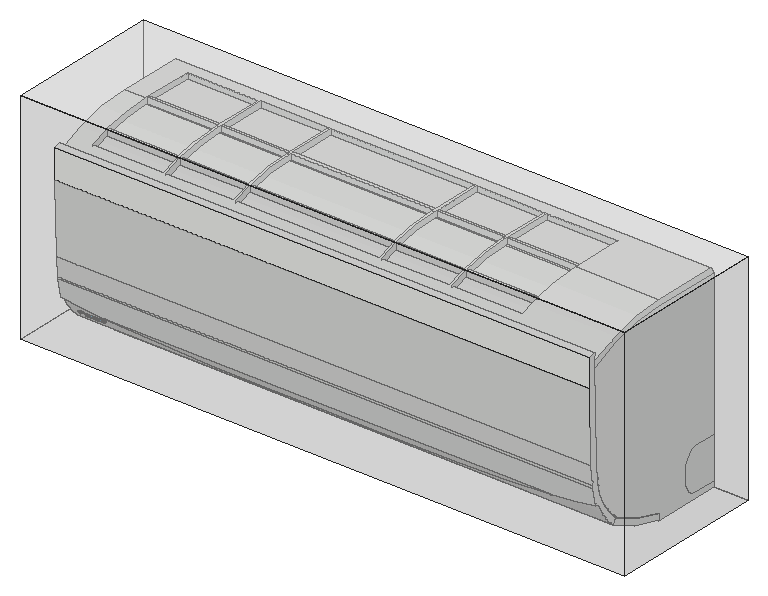
Revit family "outputfile", category 機械設備, Revit 2024
Family settings
  丸型コネクタ寸法 = 半径を使用
  パーツ タイプ = 標準
  OmniClass 番号 = 23.75.10.24.21.27.27
  OmniClass タイトル = Split System Air Conditioning Units
  作業面ベース = いいえ
  常に垂直 = はい
  ロード時にボイドで切り取り = いいえ
  注釈の向きを維持 = いいえ
  共有 = いいえ
  部屋計算ポイント = いいえ
Parameters (values of type "CTKM46RVMA")
  Description = ""
  書き出し IFC クラス(タイプ) = "IfcUnitaryEquipmentType"
  定義済み IFC タイプ(タイプ) = "AIRCONDITIONINGUNIT"
  Cost = 0
  Type Comments = ""
  Keynote = ""
  Type Image = (empty or 0)
  Assembly Code = ""
  w_wall hole = if(Width = 770.0 mm, 48.0 mm, 60.0 mm)  # 48.0 mm
  製造元 = "Daikin"
  モデル = "CTKM46RVMA"
  switch_frequency = yes
  r_Liquid Pipe Size = Liquid Pipe Size / 2  # 3.2 mm
  r_Gas Pipe Size = Gas Pipe Size / 2  # 6.35 mm
  r_Drain Pipe Size = Drain Pipe Size / 2  # 8.0 mm
  lw_powersupply [instance] = if(Width = 770.0 mm, if(or(Rear Right Connection_refrigerant, Bottom Right Connection_refrigerant), 25.0 mm, if(or(Rear Left Connection_refrigerant, Bottom Left Connection_refrigerant), 745.0 mm, 400.0 mm)), if(Width = 990.0 mm, if(or(Rear Right Connection_refrigerant, Bottom Right Connection_refrigerant), 40.0 mm, if(or(Rear Left Connection_refrigerant, Bottom Left Connection_refrigerant), 920.0 mm, 400.0 mm)), if(or(Rear Right Connection_refrigerant, Bottom Right Connection_refrigerant), 40.0 mm, if(or(Rear Left Connection_refrigerant, Bottom Left Connection_refrigerant), 920.0 mm, 400.0 mm))))  # 400.0 mm
  lw_liquidpipe [instance] = if(Width = 770.0 mm, if(or(Rear Right Connection_refrigerant, Bottom Right Connection_refrigerant), 0.0 mm, if(or(Rear Left Connection_refrigerant, Bottom Left Connection_refrigerant), 664.0 mm, 385.0 mm)), if(Width = 990.0 mm, if(or(Rear Right Connection_refrigerant, Bottom Right Connection_refrigerant), 0.0 mm, if(or(Rear Left Connection_refrigerant, Bottom Left Connection_refrigerant), 664.0 mm + (990.0 mm - 770.0 mm), 475.0 mm)), if(or(Rear Right Connection_refrigerant, Bottom Right Connection_refrigerant), 0.0 mm, if(or(Rear Left Connection_refrigerant, Bottom Left Connection_refrigerant), 664.0 mm + (990.0 mm - 770.0 mm), 475.0 mm))))  # 385.0 mm
  lw_gaspipe [instance] = if(Width = 770.0 mm, if(or(Rear Right Connection_refrigerant, Bottom Right Connection_refrigerant), 0.0 mm, if(or(Rear Left Connection_refrigerant, Bottom Left Connection_refrigerant), 675.0 mm, if(Gas Pipe Size = 12.7 mm, 345.0 mm, 335.0 mm))), if(Width = 990.0 mm, if(or(Rear Right Connection_refrigerant, Bottom Right Connection_refrigerant), 10.0 mm, if(or(Rear Left Connection_refrigerant, Bottom Left Connection_refrigerant), 890.0 mm, if(Gas Pipe Size = 15.9 mm, 410.0 mm, 400.0 mm))), if(or(Rear Right Connection_refrigerant, Bottom Right Connection_refrigerant), 10.0 mm, if(or(Rear Left Connection_refrigerant, Bottom Left Connection_refrigerant), 890.0 mm, if(Gas Pipe Size = 15.9 mm, 410.0 mm, 400.0 mm)))))  # 345.0 mm
  lw_drainpipe [instance] = if(Width = 770.0 mm, if(or(Rear Right Connection_refrigerant, Bottom Right Connection_refrigerant), 0.0 mm, if(or(Rear Left Connection_refrigerant, Bottom Left Connection_refrigerant), 770.0 mm - 48.0 mm - 48.0 mm, 440.0 mm)), if(Width = 990.0 mm, if(or(Rear Right Connection_refrigerant, Bottom Right Connection_refrigerant), 0.0 mm, if(or(Rear Left Connection_refrigerant, Bottom Left Connection_refrigerant), 675.0 mm + (990.0 mm - 770.0 mm), 435.0 mm)), if(or(Rear Right Connection_refrigerant, Bottom Right Connection_refrigerant), 0.0 mm, if(or(Rear Left Connection_refrigerant, Bottom Left Connection_refrigerant), 675.0 mm + (990.0 mm - 770.0 mm), 435.0 mm))))  # 440.0 mm
  l_powersupply_length [instance] = if(Width = 770.0 mm, if(Right Connection_refrigerant, 400.0 mm, if(Left Connection_refrigerant, 770.0 mm - 400.0 mm, if(or(Rear Left Connection_refrigerant, Rear Right Connection_refrigerant), 15.0 mm, 50.0 mm))), if(Width = 990.0 mm, if(Right Connection_refrigerant, 400.0 mm, if(Left Connection_refrigerant, 990.0 mm - 400.0 mm, if(or(Rear Left Connection_refrigerant, Rear Right Connection_refrigerant), 15.0 mm, 50.0 mm))), if(Right Connection_refrigerant, 400.0 mm, if(Left Connection_refrigerant, 990.0 mm - 400.0 mm, if(or(Rear Left Connection_refrigerant, Rear Right Connection_refrigerant), 15.0 mm, 50.0 mm)))))  # 400.0 mm
  l_liquidpipe_length [instance] = if(Width = 770.0 mm, if(Right Connection_refrigerant, 433.0 mm, if(Left Connection_refrigerant, 337.0 mm, if(or(Rear Left Connection_refrigerant, Rear Right Connection_refrigerant), 30.0 mm, 40.0 mm))), if(Width = 990.0 mm, if(Right Connection_refrigerant, 535.0 mm, if(Left Connection_refrigerant, 455.0 mm, if(or(Rear Left Connection_refrigerant, Rear Right Connection_refrigerant), 30.0 mm, 40.0 mm))), if(Right Connection_refrigerant, 535.0 mm, if(Left Connection_refrigerant, 455.0 mm, if(or(Rear Left Connection_refrigerant, Rear Right Connection_refrigerant), 30.0 mm, 40.0 mm)))))  # 433.0 mm
  l_gaspipe_length [instance] = if(Width = 770.0 mm, if(Right Connection_refrigerant, if(Gas Pipe Size = 12.7 mm, 393.0 mm, 383.0 mm), if(Left Connection_refrigerant, if(Gas Pipe Size = 12.7 mm, 770.0 mm - 393.0 mm, 770.0 mm - 383.0 mm), if(or(Rear Left Connection_refrigerant, Rear Right Connection_refrigerant), 40.0 mm, 50.0 mm))), if(Width = 990.0 mm, if(Right Connection_refrigerant, if(Gas Pipe Size = 15.9 mm, 470.0 mm, 460.0 mm), if(Left Connection_refrigerant, if(Gas Pipe Size = 15.9 mm, 990.0 mm - 470.0 mm, 990.0 mm - 460.0 mm), if(or(Rear Left Connection_refrigerant, Rear Right Connection_refrigerant), 40.0 mm, 50.0 mm))), if(Right Connection_refrigerant, if(Gas Pipe Size = 15.9 mm, 470.0 mm, 460.0 mm), if(Left Connection_refrigerant, if(Gas Pipe Size = 15.9 mm, 990.0 mm - 470.0 mm, 990.0 mm - 460.0 mm), if(or(Rear Left Connection_refrigerant, Rear Right Connection_refrigerant), 40.0 mm, 50.0 mm)))))  # 393.0 mm
  l_drainpipe_length [instance] = if(Width = 770.0 mm, if(Right Connection_refrigerant, 488.0 mm, if(Left Connection_refrigerant, 282.0 mm, if(or(Rear Left Connection_refrigerant, Rear Right Connection_refrigerant), 15.0 mm, 20.0 mm))), if(Width = 990.0 mm, if(Right Connection_refrigerant, 495.0 mm, if(Left Connection_refrigerant, 495.0 mm, if(or(Rear Left Connection_refrigerant, Rear Right Connection_refrigerant), 15.0 mm, 20.0 mm))), if(Right Connection_refrigerant, 495.0 mm, if(Left Connection_refrigerant, 495.0 mm, if(or(Rear Left Connection_refrigerant, Rear Right Connection_refrigerant), 15.0 mm, 20.0 mm)))))  # 488.0 mm
  h*** = 0.0 mm  # constant formula
  connector_voltage = Voltage_50Hz  # 230 V
  connector_powerinput = [Power Input (Cooling)]  # 0.000 kW
  connector_phase = Phase_50Hz  # 1
  angle_vertical [instance] = if(or(Bottom Left Connection_refrigerant, Bottom Right Connection_refrigerant), 0.00°, 90.00°)  # 90.00°
  angle_horizontal [instance] = if(Right Connection_refrigerant, 90.00°, if(Left Connection_refrigerant, -90.00°, if(or(Rear Left Connection_refrigerant, Rear Right Connection_refrigerant), 180.00°, 0.00°)))  # 90.00°
  Width = 770.0 mm
  Voltage_comment_50Hz = "220 - 240"
  Voltage_50Hz = 230 V
  Version = "ver.1.0"
  Unit Type = "Wall Mounted"
  Unit Mass Weight = 9.00 kg
  Unit Designation [instance] = ""
  Uniclass2015Version = "Products v1.30"
  Uniclass2015Title = "Split coil room air conditioning units"
  Uniclass2015Code = "Pr_70_65_03_86"
  URL = ""
  Total Cooling Capacity [instance] = 0.000 kW
  Sound Pressure Level_M speed (dBA) = 40
  Sound Pressure Level_L speed (dBA) = 35
  Sound Pressure Level_H speed (dBA) = 44
  Sound Power Level_H speed (dB) = 0
  Series = "Multi Split_Fan Coil Unit"
  Sensible Cooling Capacity [instance] = 0.000 kW
  Refrigerant Type = "R32"
  Power Input (Cooling) = 0.000 kW
  Phase_50Hz = 1
  Option Accessory 3 [instance] = ""
  Option Accessory 2 [instance] = ""
  Option Accessory 1 [instance] = ""
  Nominal Cooling Capacity = 4.600 kW
  Minimum Circuit Amps_50Hz = 0.0 A
  Minimum Airflow = 504.00 m³/h
  Median Airflow = 600.00 m³/h
  Maximum Fuse Amps_50Hz = 0.0 A
  Maximum Airflow = 732.00 m³/h
  Material_Casing = DAIKIN_White_Casing_indoorunit
  Load Classification = HVAC
  Liquid Pipe Size = 6.4 mm
  Link_Nested Family [instance] = ""
  IfcVersion = ""
  IfcExportType = "AIRCONDITIONINGUNIT"
  IfcExportAs = "IfcUnitaryEquipmentType"
  Height = 285.0 mm
  Heat Exchanger Type = "Cross Fin Coil"
  Gas Pipe Size = 12.7 mm
  Frequency_50Hz = 50 Hz
  Fan Type = "Cross Flow Fan"
  Fan Drive = "Direct Drive"
  FCU Tag No. [instance] = ""
  Drain Pipe Size = 16.0 mm
  Design Supply Airflow [instance] = 0.00 m³/h
  Depth = 223.0 mm
  既定の高さ = 0.0 mm
  Cooling Entering Wet Bulb Temperature [instance] = 0.00 °C
  Cooling Entering Dry Bulb Temperature [instance] = 0.00 °C
  Cooling Ambient Wet Bulb Temperature [instance] = 0.00 °C
  Cooling Ambient Dry Bulb Temperature [instance] = 0.00 °C
  Clearance visibility [instance] = yes
  Clearance Top = 30.0 mm
  Clearance Right = 50.0 mm
  Clearance Rear = 0.0 mm
  Clearance Left = 50.0 mm
  Clearance Front = 0.0 mm
  Clearance Bottom = 0.0 mm
  Bottom Right Connection_refrigerant [instance] = no
  Bottom Left Connection_refrigerant [instance] = no
  Rear Right Connection_refrigerant [instance] = no
  Rear Left Connection_refrigerant [instance] = no
  Right Connection_refrigerant [instance] = yes
  Left Connection_refrigerant [instance] = no
Reference planes
  plane 1 "Back": y = 0
  plane 2: z = 0
  plane 3 "Center (Left/Right)": x = 0
  plane 4 "Center (Front/Back)": y = -111.5
  plane 5 "Front": y = -223
  plane 6 "Left": x = -385
  plane 7 "Right": x = 385
  plane 8 "Top": z = 0
  plane 9 "Bottom": z = -285
  plane 10: x = -435
  plane 11: x = 435
  plane 12: y = 0
  plane 13: y = -223
  plane 14: z = 30
  plane 15: z = -285
  plane 16 "lw_Piping and Wiring intake": x = 337
  plane 17 "lw_gaspipe": x = -8
  plane 18 "lw_liquidpipe": x = -48
  plane 19 "lw_drainpipe": x = -103
  plane 20 "lh_drainpipe": z = -265
  plane 21 "lh_liquidpipe": z = -245
  plane 22 "lh_gaspipe": z = -235
  plane 23 "ld_drainpipe": y = -15
  plane 24 "ld_liquidpipe": y = -30
  plane 25 "ld_gaspipe": y = -40
  plane 26 "lw_powersupply": x = -15
Dimensions and locks
  equal spacing: plane 6 "Left", plane 3 "Center (Left/Right)", plane 7 "Right"
  "Width": plane 6 "Left" to plane 7 "Right"
  equal spacing: plane 5 "Front", plane 4 "Center (Front/Back)", plane 1 "Back"
  "Depth": plane 5 "Front" to plane 1 "Back"
  "Height": plane 8 "Top" to plane 9 "Bottom"
  "Clearance Rear": plane 12 to plane 1 "Back"
  "Clearance Front": plane 13 to plane 5 "Front"
  "Clearance Top": plane 14 to plane 8 "Top"
  "Clearance Bottom": plane 9 "Bottom" to plane 15
  "w_wall hole": plane 16 "lw_Piping and Wiring intake" to plane 7 "Right"
  "lw_gaspipe": plane 17 "lw_gaspipe" to plane 16 "lw_Piping and Wiring intake"
  "lw_liquidpipe": plane 18 "lw_liquidpipe" to plane 16 "lw_Piping and Wiring intake"
  "lw_drainpipe": plane 19 "lw_drainpipe" to plane 16 "lw_Piping and Wiring intake"
  locked: plane 20 "lh_drainpipe" to plane 9 "Bottom" at 20
  locked: plane 21 "lh_liquidpipe" to plane 9 "Bottom" at 40
  locked: plane 22 "lh_gaspipe" to plane 9 "Bottom" at 50
  locked: plane 23 "ld_drainpipe" to plane 1 "Back" at 15
  locked: plane 1 "Back" to plane 24 "ld_liquidpipe" at 30
  locked: plane 1 "Back" to plane 25 "ld_gaspipe" at 40
  "lw_powersupply": plane 26 "lw_powersupply" to plane 7 "Right"
  "Clearance Right": plane 7 "Right" to plane 11
  "Clearance Left": plane 10 to plane 6 "Left"
  aligned and locked: level to plane 2
  aligned and locked: plane 12 to nested 1
  aligned and locked: nested 1 to plane 13
  aligned and locked: plane 10 to nested 1
  aligned and locked: plane 11 to nested 1
  aligned and locked: plane 15 to nested 1
  aligned and locked: plane 14 to nested 1
  aligned and locked: plane 17 "lw_gaspipe" to nested 2
  aligned and locked: nested 2 to plane 25 "ld_gaspipe"
  aligned and locked: plane 18 "lw_liquidpipe" to nested 3
  aligned and locked: nested 3 to plane 24 "ld_liquidpipe"
  aligned and locked: plane 19 "lw_drainpipe" to nested 4
  aligned and locked: nested 4 to plane 23 "ld_drainpipe"
  aligned and locked: nested 5 to plane 23 "ld_drainpipe"
  aligned and locked: plane 26 "lw_powersupply" to nested 5
  aligned and locked: level to plane 8 "Top"
  aligned and locked: plane 3 "Center (Left/Right)" to nested 6
  aligned and locked: plane 1 "Back" to nested 6
  aligned and locked: plane 8 "Top" to nested 6
Nested families
  nested 1: "daikin_clearancespace" at (0, -111.5, -127.381), show <- "Clearance visibility", visible <- "Clearance visibility", Link_Nested Family <- "Link_Nested Family", type "daikin_clearancespace"
    with width 870.0 mm, show yes, height 315.0 mm, depth 223.0 mm, Link_Nested Family ""
  nested 2: "daikin_connector_rotate3" at (-8, -40, -235), angle_vertical <- "angle_vertical", angle_horizontal <- "angle_horizontal", length <- "l_gaspipe_length", radius <- "r_Gas Pipe Size", type "daikin_connector_rotate3"
    with show no, radius 6.35 mm, length 393.0 mm, angle_vertical 90.00°, angle_horizontal 90.00°
  nested 3: "daikin_connector_rotate3" at (-48, -30, -245), angle_vertical <- "angle_vertical", angle_horizontal <- "angle_horizontal", radius <- "r_Liquid Pipe Size", length <- "l_liquidpipe_length", type "daikin_connector_rotate3"
    with show no, radius 3.2 mm, length 433.0 mm, angle_vertical 90.00°, angle_horizontal 90.00°
  nested 4: "daikin_connector_rotate3" at (-103, -15, -265), angle_vertical <- "angle_vertical", angle_horizontal <- "angle_horizontal", length <- "l_drainpipe_length", radius <- "r_Drain Pipe Size", type "daikin_connector_rotate3"
    with show no, radius 8.0 mm, length 488.0 mm, angle_vertical 90.00°, angle_horizontal 90.00°
  nested 5: "daikin_connector_rotate3" at (-15, -15, -235), angle_vertical <- "angle_vertical", angle_horizontal <- "angle_horizontal", length <- "l_powersupply_length", type "daikin_connector_rotate3"
    with show no, radius 10.0 mm, length 400.0 mm, angle_vertical 90.00°, angle_horizontal 90.00°
  nested 6: "DAIKIN_indoorunit_CTKM-RVMA" at (-31, 0, 0), type "CTKM-RVMA"
Connectors
  piping at (385, -40, -235), diameter 12.7, driven by "r_Gas Pipe Size"
    settings: on nested 2, index 1, connector inside diameter 609.6 mm, connector length 0.0 mm, flow factor 0, pipe flow 0.00 m³/h, pressure drop 0.0 Pa, fitting loss kfactor 0, connector angle 0.00°, fixture units 0, engagement length 0.0 mm, angle of deflection 0.00°, flow configuration 1, flow direction 2, fitting loss method 0, system type 29, joint type 0, gender type 0, connector reference index -1, connector utility 0, adjustable connector no, is connector primary yes, connector description "Refrigerant Gas Piping"
  piping at (385, -30, -245), diameter 6.4, driven by "r_Liquid Pipe Size"
    settings: on nested 3, index 2, connector inside diameter 609.6 mm, connector length 0.0 mm, flow factor 0, pipe flow 0.00 m³/h, pressure drop 0.0 Pa, fitting loss kfactor 0, connector angle 0.00°, fixture units 0, engagement length 0.0 mm, angle of deflection 0.00°, flow configuration 1, flow direction 1, fitting loss method 0, system type 29, joint type 0, gender type 0, connector reference index -1, connector utility 0, adjustable connector no, is connector primary no, connector description "Refrigerant Liquid Piping"
  piping at (385, -15, -265), diameter 16, driven by "r_Drain Pipe Size"
    settings: on nested 4, index 3, connector inside diameter 609.6 mm, connector length 0.0 mm, flow factor 0, pipe flow 0.00 m³/h, pressure drop 0.0 Pa, fitting loss kfactor 0, connector angle 0.00°, fixture units 0, engagement length 0.0 mm, angle of deflection 0.00°, flow configuration 1, flow direction 2, fitting loss method 4, system type 16, joint type 0, gender type 0, connector reference index -1, connector utility 0, adjustable connector no, is connector primary no, connector description "Condensate Drain Piping"
  electrical at (385, -15, -235), driven by "Load Classification", driven by "connector_phase", driven by "connector_powerinput", driven by "connector_voltage"
    settings: on nested 5, index 4, voltage 230 V, apparent load 0 VA, apparent load phase1 0 VA, apparent load phase2 0 VA, apparent load phase3 0 VA, power factor 1, load classification "HVAC", number of poles 1, system type 30, power factor state 1, is connector primary yes, connector utility no, sub classification motor no, connector description "Power Supply"
Definition of nested family "daikin_clearancespace"
  Parameters (values of type "daikin_clearancespace")
    Description = "daikin_clearancespace"
    width [instance] = 1823.963 mm
    show [instance] = yes
    material = none
    height [instance] = 1359.762 mm
    depth [instance] = 880.0 mm
    Default Elevation = 0.0 mm
    Link_Nested Family [instance] = ""
  Reference planes
    plane 1 "Center (Front/Back)": y = 0
    plane 2 "Center (Elevation)": z = -0.119
    plane 3 "Center (Left/Right)": x = 0
    plane 4: y = 440
    plane 5: y = -440
    plane 6 "Right": x = 911.982
    plane 7 "Left": x = -911.982
    plane 8 "Top": z = 679.762
    plane 9 "Bottom": z = -680
  Forms (mm)
    Extrusion 1, solid, material <- "material", visible <- "show"
      sketch origin (0, 0, 0) x (1, 0, 0) y (0, 1, 0)
        loop
          line (-911.982, 440) -> (-911.982, -440) -> (911.982, -440) -> (911.982, 440) -> (-911.982, 440)
      from -680 to 679.762
  Lines and regions (mm)
    symbolic lines, visible <- "show"
      curve 1: line (911.982, 440, 0) -> (-911.982, 440, 0)
      curve 2: line (-911.982, 440, 0) -> (-911.982, -440, 0)
      curve 3: line (-911.982, -440, 0) -> (911.982, -440, 0)
      curve 4: line (911.982, -440, 0) -> (911.982, 440, 0)
      curve 5: line (911.982, 0, 679.762) -> (-911.982, 0, 679.762)
      curve 6: line (911.982, 0, -680) -> (911.982, 0, 679.762)
      curve 7: line (-911.982, 0, -680) -> (911.982, 0, -680)
      curve 8: line (-911.982, 0, 679.762) -> (-911.982, 0, -680)
      curve 9: line (0, 440, 679.762) -> (0, -440, 679.762)
      curve 10: line (0, -440, 679.762) -> (0, -440, -680)
      curve 11: line (0, 440, -680) -> (0, 440, 679.762)
      curve 12: line (0, -440, -680) -> (0, 440, -680)
  Dimensions and locks
    "width": plane 7 "Left" to plane 6 "Right"
    "depth": plane 4 to plane 5
    "height": plane 8 "Top" to plane 9 "Bottom"
    equal spacing: plane 7 "Left", plane 3 "Center (Left/Right)", plane 6 "Right"
    equal spacing: plane 4, plane 1 "Center (Front/Back)", plane 5
    equal spacing: plane 8 "Top", plane 2 "Center (Elevation)", plane 9 "Bottom"
    aligned and locked: level to plane 2 "Center (Elevation)"
    aligned and locked: Extrusion 1 sketch curve to plane 4
    aligned and locked: plane 7 "Left" to Extrusion 1 sketch curve
    aligned and locked: Extrusion 1 sketch curve to plane 5
    aligned and locked: Extrusion 1 sketch curve to plane 6 "Right"
    aligned and locked: plane 8 "Top" to Extrusion 1
    aligned and locked: curve 1 to Extrusion 1
    aligned and locked: curve 2 to Extrusion 1
    aligned and locked: curve 3 to Extrusion 1
    aligned and locked: curve 4 to Extrusion 1
    aligned and locked: curve 5 to Extrusion 1
    aligned and locked: curve 6 to Extrusion 1
    aligned and locked: curve 7 to Extrusion 1
    aligned and locked: curve 8 to Extrusion 1
    aligned and locked: curve 9 to Extrusion 1
    aligned and locked: curve 10 to Extrusion 1
    aligned and locked: curve 11 to Extrusion 1
    aligned and locked: curve 12 to Extrusion 1
    aligned and locked: Extrusion 1 to plane 9 "Bottom"
Definition of nested family "DAIKIN_indoorunit_CTKM-RVMA"
  Parameters (values of type "FTKM-QVMA")
    switch_unit1_50-71 = Width = 990.0 mm  # no
    switch_unit1_20-46 = Width = 770.0 mm  # yes
    Width = 770.0 mm
    WALL HOLE-R = if(Width = 770.0 mm, 48.0 mm, 60.0 mm)  # 48.0 mm
    WALL HOLE Size = if(Width = 770.0 mm, 65.0 mm, 80.0 mm)  # 65.0 mm
    Material_Casing = none
    Height = if(Width = 770.0 mm, 285.0 mm, 295.0 mm)  # 285.0 mm
    Default Elevation = 0.0 mm
  Reference planes
    plane 1 "Center (Front/Back)": y = 0
    plane 2 "reference_level": z = 0
    plane 3 "Center (Left/Right)": x = 31
    plane 4: x = -354
    plane 5: x = 416
    plane 6: z = -285
  Forms (mm)
    Extrusion 1, solid, material <- "Material_Casing", visible <- "switch_unit1_20-46"
      sketch origin (29, 0, 0) x (0, 1, 0) y (0, 0, 1)
        loop
          line (-5, 0) -> (-98, 0)
          arc (-98, 0) -> (-157.611, -7.211) -> (-213.783, -28.427) r 250
          arc (-213.783, -28.427) -> (-213.842, -32.972) -> (-213.892, -37.516) r 2191
          arc (-213.892, -37.516) -> (-157.832, -15.495) -> (-98.07, -8) r 242
          line (-98.07, -8) -> (0, -8) -> (-5, 0)
      from -383 to 387
    Extrusion 2, solid, material <- "Material_Casing", visible <- "switch_unit1_20-46"
      sketch origin (416, 1296.25, 1200) x (0, 1, 0) y (0, 0, 1)
        loop
          line (-1472.998, -1446.91) -> (-1476.998, -1453.839)
          arc (-1476.998, -1453.839) -> (-1437.481, -1472.422) -> (-1395.25, -1483.538) r 240
          line (-1395.25, -1483.538) -> (-1395.25, -1475.422)
          arc (-1395.25, -1475.422) -> (-1435.407, -1464.663) -> (-1472.998, -1446.91) r 232
      from 0 to -47.5
    Extrusion 3, solid, material <- "Material_Casing", visible <- "switch_unit1_20-46"
      sketch origin (29, 0, 0) x (0, 1, 0) y (0, 0, 1)
        loop
          arc (-223, -60.455) -> (-222.414, -110.646) -> (-220.656, -160.81) r 2149.92
          arc (-220.656, -160.81) -> (-219.65, -174.299) -> (-217.853, -187.706) r 229.911
          arc (-217.853, -187.706) -> (-205.371, -223.594) -> (-181.517, -253.17) r 111
          line (-181.517, -253.17) -> (-177.429, -246.093)
          arc (-177.429, -246.093) -> (-198.77, -218.989) -> (-209.965, -186.36) r 103
          arc (-209.965, -186.36) -> (-211.681, -173.586) -> (-212.651, -160.735) r 221.844
          arc (-212.651, -160.735) -> (-214.739, -93.233) -> (-214.74, -25.699) r 2186.828
          arc (-214.74, -25.699) -> (-214.671, -21.467) -> (-214.594, -17.235) r 2192
          line (-214.594, -17.235) -> (-223, -19.961) -> (-223, -60.455)
      from -383 to 387
    Extrusion 4, solid, material <- "Material_Casing", visible <- "switch_unit1_20-46"
      sketch origin (29, 0, 0) x (0, 1, 0) y (0, 0, 1)
        loop
          line (-181.517, -253.17) -> (-179.597, -249.846)
          arc (-179.597, -249.846) -> (-202.009, -221.399) -> (-213.189, -186.952) r 103
          line (-213.189, -186.952) -> (-217.853, -187.706)
          arc (-217.853, -187.706) -> (-217.533, -189.556) -> (-217.182, -191.4) r 111
          arc (-217.182, -191.4) -> (-213.806, -208.181) -> (-210.362, -224.948) r 4257.809
          arc (-210.362, -224.948) -> (-198.886, -237.857) -> (-186.225, -249.607) r 180
          line (-186.225, -249.607) -> (-181.517, -253.17)
      from -383 to 387
    Extrusion 5, solid, material <- "Material_Casing", visible <- "switch_unit1_20-46"
      sketch origin (29, 0, -20) x (0, 1, 0) y (0, 0, 1)
        loop
          line (0, -265) -> (0, 12) -> (-98.07, 12)
          arc (-98.07, 12) -> (-157.832, 4.505) -> (-213.892, -17.516) r 242
          arc (-213.892, -17.516) -> (-213.638, -79.114) -> (-211.653, -140.681) r 2191
          arc (-211.653, -140.681) -> (-210.685, -153.501) -> (-208.973, -166.243) r 221
          arc (-208.973, -166.243) -> (-197.471, -199.282) -> (-175.482, -226.491) r 102
          arc (-175.482, -226.491) -> (-138.004, -244.019) -> (-98, -254.579) r 231
          line (-98, -254.579) -> (-98, -265) -> (0, -265)
      from -383 to 387
    Extrusion 6, solid, material <- "Material_Casing", visible <- "switch_unit1_20-46"
      sketch origin (-354, 1296.25, 1200) x (0, 1, 0) y (0, 0, 1)
        loop
          line (-1472.998, -1446.91) -> (-1476.998, -1453.839)
          arc (-1476.998, -1453.839) -> (-1437.481, -1472.422) -> (-1395.25, -1483.538) r 240
          line (-1395.25, -1483.538) -> (-1395.25, -1475.422)
          arc (-1395.25, -1475.422) -> (-1435.407, -1464.663) -> (-1472.998, -1446.91) r 232
      from 47 to 0
    Extrusion 7, solid, material <- "Material_Casing", visible <- "switch_unit1_20-46"
      sketch origin (416, 1296.25, 1200) x (0, 1, 0) y (0, 0, 1)
        loop
          line (-1472.998, -1446.91) -> (-1476.998, -1453.839)
          arc (-1476.998, -1453.839) -> (-1443.437, -1470.168) -> (-1407.75, -1481.097) r 240
          line (-1407.75, -1481.097) -> (-1407.75, -1472.894)
          arc (-1407.75, -1472.894) -> (-1441.363, -1462.385) -> (-1472.998, -1446.91) r 232
      from -116.993 to -48.493
    Extrusion 8, solid, material <- "Material_Casing", visible <- "switch_unit1_20-46"
      sketch origin (416, 1296.25, 1200) x (0, 1, 0) y (0, 0, 1)
        loop
          line (-1472.998, -1446.91) -> (-1476.998, -1453.839)
          arc (-1476.998, -1453.839) -> (-1443.437, -1470.168) -> (-1407.75, -1481.097) r 240
          line (-1407.75, -1481.097) -> (-1407.75, -1472.894)
          arc (-1407.75, -1472.894) -> (-1441.363, -1462.385) -> (-1472.998, -1446.91) r 232
      from -717 to -121.993
    Extrusion 9, void
      sketch origin (31, 0, -235) x (1, 0, 0) y (0, 1, 0)
        loop
          line (-252.674, -22.316) -> (-354.941, -22.316) -> (-354.941, -91.341) -> (-252.674, -91.341) -> (-252.674, -22.316)
        loop
          line (-249.341, -91.341) -> (-151.574, -91.341) -> (-151.574, -22.316) -> (-249.341, -22.316) -> (-249.341, -91.341)
        loop
          line (58.309, -22.316) -> (-148.309, -22.316) -> (-148.309, -91.341) -> (58.309, -91.341) -> (58.309, -22.316)
        loop
          line (61.689, -22.316) -> (61.689, -91.341) -> (159.457, -91.341) -> (159.457, -22.316) -> (61.689, -22.316)
        loop
          line (162.789, -22.316) -> (162.789, -91.341) -> (265.057, -91.341) -> (265.057, -22.316) -> (162.789, -22.316)
        loop
          line (-354.941, -94.659) -> (-354.941, -165.259) -> (-252.674, -165.259) -> (-252.674, -94.659) -> (-354.941, -94.659)
        loop
          line (-249.341, -94.659) -> (-249.341, -165.259) -> (-151.574, -165.259) -> (-151.574, -94.659) -> (-249.341, -94.659)
        loop
          line (-148.309, -94.659) -> (-148.309, -165.259) -> (58.309, -165.259) -> (58.309, -94.659) -> (-148.309, -94.659)
        loop
          line (61.689, -94.659) -> (61.689, -165.259) -> (159.457, -165.259) -> (159.457, -94.659) -> (61.689, -94.659)
        loop
          line (162.789, -94.659) -> (162.789, -165.259) -> (265.057, -165.259) -> (265.057, -94.659) -> (162.789, -94.659)
        loop
          line (-354.941, -167.382) -> (-354.941, -192.681) -> (-252.674, -192.681) -> (-252.674, -167.382) -> (-354.941, -167.382)
        loop
          line (-249.341, -167.382) -> (-249.341, -192.681) -> (-151.574, -192.681) -> (-151.574, -167.382) -> (-249.341, -167.382)
        loop
          line (-148.309, -167.382) -> (-148.309, -192.681) -> (58.309, -192.681) -> (58.309, -167.382) -> (-148.309, -167.382)
        loop
          line (159.457, -167.382) -> (61.689, -167.382) -> (61.689, -192.681) -> (159.457, -192.681) -> (159.457, -167.382)
        loop
          line (265.057, -167.382) -> (162.789, -167.382) -> (162.789, -192.681) -> (265.057, -192.681) -> (265.057, -167.382)
      from 201.638 to 250
    Extrusion 10, void
      sketch origin (31, 0, 0) x (1, 0, 0) y (0, 0, 1)
        loop
          arc (597, -174.907) -> (0.056, -245.263) -> (-597, -175.856) r 2585.042
          line (-597, -175.856) -> (-597, -352.872) -> (597, -352.872) -> (597, -174.907)
      from 173 to 315.3
    Extrusion 11, solid, material <- "Material_Casing"
      sketch origin (31, 0, 0) x (1, 0, 0) y (0, 0, 1)
        loop
          circle (337, -240.5) r 32.5
        loop
          circle (-337, -240.5) r 32.5
      from 0 to 5
    Extrusion 12, solid, material <- "Material_Casing", visible <- "switch_unit1_20-46"
      sketch origin (416, 1296.25, 1200) x (0, -1, 0) y (0, 0, 1)
        loop
          line (1326.25, -1417) -> (1296.25, -1417) -> (1296.25, -1477) -> (1326.25, -1477)
          arc (1326.25, -1477) -> (1340.393, -1471.142) -> (1346.25, -1457) r 20
          line (1346.25, -1457) -> (1346.25, -1437)
          arc (1346.25, -1437) -> (1340.393, -1422.858) -> (1326.25, -1417) r 20
      from 0 to 5
    Extrusion 13, solid, material <- "Material_Casing", visible <- "switch_unit1_20-46"
      sketch origin (-354, 1296.25, 1200) x (0, 1, 0) y (0, 0, 1)
        loop
          line (-1296.25, -1417) -> (-1326.25, -1417)
          arc (-1326.25, -1417) -> (-1340.393, -1422.858) -> (-1346.25, -1437) r 20
          line (-1346.25, -1437) -> (-1346.25, -1457)
          arc (-1346.25, -1457) -> (-1340.393, -1471.142) -> (-1326.25, -1477) r 20
          line (-1326.25, -1477) -> (-1296.25, -1477) -> (-1296.25, -1417)
      from 0 to 5
    Extrusion 14, solid, material <- "Material_Casing", visible <- "switch_unit1_20-46"
      sketch origin (31, 0, -285) x (-1, 0, 0) y (0, -1, 0)
        loop
          line (-314, 0) -> (-314, 30)
          arc (-314, 30) -> (-319.858, 44.142) -> (-334, 50) r 20
          line (-334, 50) -> (-354, 50)
          arc (-354, 50) -> (-368.142, 44.142) -> (-374, 30) r 20
          line (-374, 30) -> (-374, 0) -> (-314, 0)
        loop
          line (374, 0) -> (374, 30)
          arc (374, 30) -> (368.142, 44.142) -> (354, 50) r 20
          line (354, 50) -> (334, 50)
          arc (334, 50) -> (319.858, 44.142) -> (314, 30) r 20
          line (314, 30) -> (314, 0) -> (374, 0)
      from 0 to 5
    Extrusion 15, solid, material <- "Material_Casing", visible <- "switch_unit1_50-71"
      sketch origin (31, 0, 0) x (0, 1, 0) y (0, 0, 1)
        loop
          line (-5, 0) -> (-138, 0)
          arc (-138, 0) -> (-197.611, -7.211) -> (-253.783, -28.427) r 250
          arc (-253.783, -28.427) -> (-253.838, -32.687) -> (-253.886, -36.946) r 2191
          arc (-253.886, -36.946) -> (-197.73, -15.346) -> (-138.014, -8) r 246.393
          line (-138.014, -8) -> (0, -8) -> (-5, 0)
      from -495 to 495
    Extrusion 16, solid, material <- "Material_Casing", visible <- "switch_unit1_50-71"
      sketch origin (418, 1296.25, 1200) x (0, 1, 0) y (0, 0, 1)
        loop
          arc (-1515.208, -1454.149) -> (-1506.856, -1460.599) -> (-1497.925, -1466.219) r 110
          arc (-1497.925, -1466.219) -> (-1445.718, -1487.493) -> (-1389.844, -1494.995) r 223
          line (-1389.844, -1494.995) -> (-1389.844, -1486.086) -> (-1404.386, -1486.086)
          arc (-1404.386, -1486.086) -> (-1449.542, -1477.46) -> (-1491.818, -1459.402) r 214.289
          arc (-1491.818, -1459.402) -> (-1501.056, -1453.541) -> (-1509.606, -1446.715) r 101
          line (-1509.606, -1446.715) -> (-1515.208, -1454.149)
      from 108 to 57.5
    Extrusion 17, solid, material <- "Material_Casing", visible <- "switch_unit1_50-71"
      sketch origin (31, 0, 0) x (0, 1, 0) y (0, 0, 1)
        loop
          line (-263, -19.962) -> (-263, -61.6)
          arc (-263, -61.6) -> (-262.414, -110.219) -> (-260.656, -158.81) r 2017.341
          arc (-260.656, -158.81) -> (-255.648, -191.935) -> (-244.041, -223.362) r 164.725
          arc (-244.041, -223.362) -> (-233.569, -239.793) -> (-219.717, -253.495) r 87.379
          line (-219.717, -253.495) -> (-214.706, -246.846)
          arc (-214.706, -246.846) -> (-229.564, -230.029) -> (-240.385, -210.371) r 102
          arc (-240.385, -210.371) -> (-249.049, -182.962) -> (-252.848, -154.467) r 165.789
          arc (-252.848, -154.467) -> (-254.771, -90.102) -> (-254.74, -25.708) r 2122.533
          arc (-254.74, -25.708) -> (-254.671, -21.469) -> (-254.594, -17.23) r 2192
          line (-254.594, -17.23) -> (-263, -19.962)
      from -495 to 495
    Extrusion 18, void
      sketch origin (33, 0, 0) x (1, 0, 0) y (0, 1, 0)
        loop
          line (-466.909, -22.316) -> (-466.909, -111.341) -> (-366.303, -111.341) -> (-366.303, -22.316) -> (-466.909, -22.316)
        loop
          line (-362.71, -22.316) -> (-362.71, -111.341) -> (-262.103, -111.341) -> (-262.103, -22.316) -> (-362.71, -22.316)
        loop
          line (-258.51, -22.316) -> (-258.51, -111.341) -> (-157.904, -111.341) -> (-157.904, -22.316) -> (-258.51, -22.316)
        loop
          line (-154.31, -22.316) -> (-154.31, -111.341) -> (-53.704, -111.341) -> (-53.704, -22.316) -> (-154.31, -22.316)
        loop
          line (-50.11, -22.316) -> (-50.11, -111.341) -> (50.496, -111.341) -> (50.496, -22.316) -> (-50.11, -22.316)
        loop
          line (54.089, -22.316) -> (54.089, -111.341) -> (154.696, -111.341) -> (154.696, -22.316) -> (54.089, -22.316)
        loop
          line (158.289, -22.316) -> (158.289, -111.341) -> (258.895, -111.341) -> (258.895, -22.316) -> (158.289, -22.316)
        loop
          line (262.489, -22.316) -> (262.489, -111.341) -> (363.095, -111.341) -> (363.095, -22.316) -> (262.489, -22.316)
        loop
          line (-466.909, -114.459) -> (-466.909, -185.059) -> (-366.303, -185.059) -> (-366.303, -114.459) -> (-466.909, -114.459)
        loop
          line (-362.71, -114.459) -> (-362.71, -185.059) -> (-262.103, -185.059) -> (-262.103, -114.459) -> (-362.71, -114.459)
        loop
          line (-258.51, -114.459) -> (-258.51, -185.059) -> (-157.904, -185.059) -> (-157.904, -114.459) -> (-258.51, -114.459)
        loop
          line (-154.31, -114.459) -> (-154.31, -185.059) -> (-53.704, -185.059) -> (-53.704, -114.459) -> (-154.31, -114.459)
        loop
          line (-50.11, -114.459) -> (-50.11, -185.059) -> (50.496, -185.059) -> (50.496, -114.459) -> (-50.11, -114.459)
        loop
          line (54.089, -114.459) -> (54.089, -185.059) -> (154.696, -185.059) -> (154.696, -114.459) -> (54.089, -114.459)
        loop
          line (158.289, -114.459) -> (158.289, -185.059) -> (258.895, -185.059) -> (258.895, -114.459) -> (158.289, -114.459)
        loop
          line (262.489, -114.459) -> (262.489, -185.059) -> (363.095, -185.059) -> (363.095, -114.459) -> (262.489, -114.459)
        loop
          line (-466.909, -187.382) -> (-466.909, -232.681) -> (-366.303, -232.681) -> (-366.303, -187.382) -> (-466.909, -187.382)
        loop
          line (-362.71, -187.382) -> (-362.71, -232.681) -> (-262.103, -232.681) -> (-262.103, -187.382) -> (-362.71, -187.382)
        loop
          line (-258.51, -187.382) -> (-258.51, -232.681) -> (-157.904, -232.681) -> (-157.904, -187.382) -> (-258.51, -187.382)
        loop
          line (-154.31, -187.382) -> (-154.31, -232.681) -> (-53.704, -232.681) -> (-53.704, -187.382) -> (-154.31, -187.382)
        loop
          line (-50.11, -187.382) -> (-50.11, -232.681) -> (50.496, -232.681) -> (50.496, -187.382) -> (-50.11, -187.382)
        loop
          line (54.089, -187.382) -> (54.089, -232.681) -> (154.696, -232.681) -> (154.696, -187.382) -> (54.089, -187.382)
        loop
          line (158.289, -187.382) -> (158.289, -232.681) -> (258.895, -232.681) -> (258.895, -187.382) -> (158.289, -187.382)
        loop
          line (262.489, -187.382) -> (262.489, -232.681) -> (363.095, -232.681) -> (363.095, -187.382) -> (262.489, -187.382)
      from -40.013 to 47.268
    Extrusion 19, void
      sketch origin (33, 0, 2300) x (1, 0, 0) y (0, 0, 1)
        loop
          line (705, -2672.872) -> (705, -2462.4)
          arc (705, -2462.4) -> (-2.043, -2534.819) -> (-709, -2461.567) r 3467.757
          line (-709, -2461.567) -> (-709, -2672.872) -> (705, -2672.872)
      from 173 to 315.3
    Extrusion 20, solid, material <- "Material_Casing", visible <- "switch_unit1_50-71"
      sketch origin (-356, 1296.25, 1200) x (0, 1, 0) y (0, 0, -1)
        loop
          line (-1515.208, 1454.149) -> (-1509.606, 1446.715)
          arc (-1509.606, 1446.715) -> (-1501.056, 1453.541) -> (-1491.818, 1459.402) r 101
          arc (-1491.818, 1459.402) -> (-1449.542, 1477.46) -> (-1404.386, 1486.086) r 214.289
          line (-1404.386, 1486.086) -> (-1389.844, 1486.086) -> (-1389.844, 1494.995)
          arc (-1389.844, 1494.995) -> (-1445.718, 1487.493) -> (-1497.925, 1466.219) r 223
          arc (-1497.925, 1466.219) -> (-1506.856, 1460.599) -> (-1515.208, 1454.149) r 110
      from 108 to 61
    Extrusion 21, solid, material <- "Material_Casing", visible <- "switch_unit1_50-71"
      sketch origin (418, 1296.25, 1200) x (0, 1, 0) y (0, 0, 1)
        loop
          arc (-1515.208, -1454.149) -> (-1506.856, -1460.599) -> (-1497.925, -1466.219) r 110
          arc (-1497.925, -1466.219) -> (-1463.185, -1482.066) -> (-1426.25, -1491.755) r 223
          line (-1426.25, -1491.755) -> (-1426.25, -1483.166)
          arc (-1426.25, -1483.166) -> (-1460.008, -1473.969) -> (-1491.818, -1459.402) r 214.289
          arc (-1491.818, -1459.402) -> (-1501.056, -1453.541) -> (-1509.606, -1446.715) r 101
          line (-1509.606, -1446.715) -> (-1515.208, -1454.149)
      from 56.5 to -36.993
    Extrusion 22, solid, material <- "Material_Casing", visible <- "switch_unit1_50-71"
      sketch origin (418, 1296.25, 1200) x (0, 1, 0) y (0, 0, 1)
        loop
          arc (-1426.25, -1483.166) -> (-1443.442, -1479.224) -> (-1460.25, -1473.881) r 214.289
          line (-1460.25, -1473.881) -> (-1460.25, -1483.089)
          arc (-1460.25, -1483.089) -> (-1443.421, -1488.091) -> (-1426.25, -1491.755) r 223
          line (-1426.25, -1491.755) -> (-1426.25, -1483.166)
      from -43.493 to -828.893
    Extrusion 23, solid, material <- "Material_Casing", visible <- "switch_unit1_50-71"
      sketch origin (418, 1296.25, 1200) x (0, 1, 0) y (0, 0, 1)
        loop
          arc (-1515.208, -1454.149) -> (-1506.856, -1460.599) -> (-1497.925, -1466.219) r 110
          arc (-1497.925, -1466.219) -> (-1479.479, -1475.527) -> (-1460.25, -1483.089) r 223
          line (-1460.25, -1483.089) -> (-1460.25, -1473.881)
          arc (-1460.25, -1473.881) -> (-1476.328, -1467.282) -> (-1491.818, -1459.402) r 214.289
          arc (-1491.818, -1459.402) -> (-1501.056, -1453.541) -> (-1509.606, -1446.715) r 101
          line (-1509.606, -1446.715) -> (-1515.208, -1454.149)
      from -43.493 to -828.893
    Extrusion 24, solid, material <- "Material_Casing", visible <- "switch_unit1_50-71"
      sketch origin (31, 0, 0) x (0, 1, 0) y (0, 0, 1)
        loop
          arc (-217.78, -250.924) -> (-234.088, -233.307) -> (-245.826, -212.366) r 102
          arc (-245.826, -212.366) -> (-251.608, -196.062) -> (-255.659, -179.245) r 165.789
          line (-255.659, -179.245) -> (-258.299, -179.737)
          arc (-258.299, -179.737) -> (-257.524, -183.799) -> (-256.646, -187.84) r 164.725
          arc (-256.646, -187.84) -> (-252.868, -206.25) -> (-249.973, -224.82) r 393.089
          arc (-249.973, -224.82) -> (-239.237, -236.969) -> (-227.451, -248.102) r 180
          arc (-227.451, -248.102) -> (-223.723, -250.998) -> (-219.717, -253.495) r 45.878
          line (-219.717, -253.495) -> (-217.78, -250.924)
      from -495 to 495
    Extrusion 25, solid, material <- "Material_Casing", visible <- "switch_unit1_50-71"
      sketch origin (31, 0, -30) x (0, 1, 0) y (0, 0, 1)
        loop
          line (0, 22) -> (-138.014, 22)
          arc (-138.014, 22) -> (-197.73, 14.654) -> (-253.886, -6.946) r 246.393
          arc (-253.886, -6.946) -> (-253.682, -65.635) -> (-251.855, -124.295) r 2120.935
          arc (-251.855, -124.295) -> (-248.086, -152.682) -> (-239.461, -179.988) r 164.789
          arc (-239.461, -179.988) -> (-228.903, -199.231) -> (-214.437, -215.738) r 101
          line (-214.437, -215.738) -> (-212.406, -216.221)
          arc (-212.406, -216.221) -> (-204.07, -222.837) -> (-195.079, -228.53) r 100
          arc (-195.079, -228.53) -> (-145.557, -248.629) -> (-92.593, -255.785) r 213.289
          line (-92.593, -255.785) -> (-92.593, -265) -> (0, -265) -> (0, 22)
      from -495 to 495
    Extrusion 26, solid, material <- "Material_Casing", visible <- "switch_unit1_50-71"
      sketch origin (526, 1296.25, 1200) x (0, -1, 0) y (0, 0, 1)
        loop
          line (1326.25, -1427.035) -> (1296.25, -1427.035) -> (1296.25, -1487.035) -> (1326.25, -1487.035)
          arc (1326.25, -1487.035) -> (1340.393, -1481.177) -> (1346.25, -1467.035) r 20
          line (1346.25, -1467.035) -> (1346.25, -1447.035)
          arc (1346.25, -1447.035) -> (1340.393, -1432.892) -> (1326.25, -1427.035) r 20
      from 0 to 5
    Extrusion 27, solid, material <- "Material_Casing", visible <- "switch_unit1_50-71"
      sketch origin (-459, 1296.25, 1200) x (0, -1, 0) y (0, 0, 1)
        loop
          line (1326.25, -1427.035) -> (1296.25, -1427.035) -> (1296.25, -1487.035) -> (1326.25, -1487.035)
          arc (1326.25, -1487.035) -> (1340.393, -1481.177) -> (1346.25, -1467.035) r 20
          line (1346.25, -1467.035) -> (1346.25, -1447.035)
          arc (1346.25, -1447.035) -> (1340.393, -1432.892) -> (1326.25, -1427.035) r 20
      from 0 to 5
    Extrusion 28, solid, material <- "Material_Casing", visible <- "switch_unit1_50-71"
      sketch origin (31, 200, -295) x (-1, 0, 0) y (0, -1, 0)
        loop
          line (469, 200) -> (469, 230)
          arc (469, 230) -> (463.142, 244.142) -> (449, 250) r 20
          line (449, 250) -> (429, 250)
          arc (429, 250) -> (414.858, 244.142) -> (409, 230) r 20
          line (409, 230) -> (409, 200) -> (469, 200)
        loop
          line (-469, 200) -> (-409, 200) -> (-409, 230)
          arc (-409, 230) -> (-414.858, 244.142) -> (-429, 250) r 20
          line (-429, 250) -> (-449, 250)
          arc (-449, 250) -> (-463.142, 244.142) -> (-469, 230) r 20
          line (-469, 230) -> (-469, 200)
      from 0 to 5
  Cuts and joins
    Extrusion 9 cuts Extrusion 1
    Extrusion 10 cuts Extrusion 4
    joined: Extrusion 3, Extrusion 4
    Extrusion 18 cuts Extrusion 15
    Extrusion 19 cuts Extrusion 24
    joined: Extrusion 17, Extrusion 24
  Lines and regions (mm)
    reference lines
      curve 1: line (-523, -201.911, -229.404) -> (-523, -193.542, -239.977)
      curve 2: line (-523, -240.779, -229.404) -> (-523, -232.411, -239.977)
  Dimensions and locks
    locked: Extrusion 10 sketch curve to Extrusion 10 sketch curve at 1194
    Extrusion 10 sketch curve to Extrusion 10 sketch curve = 1194.0 mm
    locked: Extrusion 12 sketch curve to Extrusion 12 sketch curve at 60
    locked: Extrusion 12 sketch curve to Extrusion 12 sketch curve at 50
    locked: Extrusion 14 sketch curve to Extrusion 14 sketch curve at 60  (x2)
    locked: Extrusion 14 sketch curve to Extrusion 14 sketch curve at 50
    equal spacing: plane 5, plane 3 "Center (Left/Right)", plane 4
    "Width": plane 5 to plane 4
    locked: Extrusion 11 sketch curve to plane 4 at 48
    "WALL HOLE-R": plane 5 to Extrusion 11 sketch curve
    "Height": plane 2 "reference_level" to plane 6
    locked: Extrusion 11 sketch curve to plane 6 at 44.5  (x2)
    locked: cut or joined group of Extrusion 3, Extrusion 4, Extrusion 10 to nested 1 at 15
    locked: Extrusion 17 to nested 2 at 15
    locked: Extrusion 26 sketch curve to Extrusion 26 sketch curve at 60
    locked: Extrusion 26 sketch curve to Extrusion 26 sketch curve at 50
    locked: Extrusion 27 sketch curve to Extrusion 27 sketch curve at 60
    locked: Extrusion 27 sketch curve to Extrusion 27 sketch curve at 50
    locked: Extrusion 28 sketch curve to Extrusion 28 sketch curve at 60  (x2)
    locked: Extrusion 28 sketch curve to Extrusion 28 sketch curve at 50  (x2)
    "WALL HOLE Size": diameter of Extrusion 11 sketch curve  (x2)
    aligned and locked: level to plane 2 "reference_level"
    aligned and locked: nested 1 to curve 1
    aligned and locked: Extrusion 13 sketch curve to Extrusion 12  (x4)
    aligned and locked: Extrusion 14 sketch curve to Extrusion 14 sketch curve  (x2)
    aligned and locked: Extrusion 11 to plane 1 "Center (Front/Back)"
    aligned and locked: nested 2 to curve 2
  Automatic sketch dimensions
    Extrusion 10 sketch curve to plane 3 "Center (Left/Right)" = 597.0 mm
    Extrusion 10 sketch curve to plane 3 "Center (Left/Right)" = 2.0 mm
    Extrusion 10 sketch curve to level = 352.872 mm
    Extrusion 10 sketch curve to level = 175.856 mm
    Extrusion 10 sketch curve to level = 174.907 mm
    curve 1 to level = 239.977 mm
    plane 1 "Center (Front/Back)" to curve 1 = 193.542 mm
    curve 2 to curve 1 = 0.0 mm
    curve 2 to curve 2 = 10.573 mm
    curve 1 to curve 1 = 10.573 mm
    curve 1 to curve 1 = 8.368 mm
    curve 1 to curve 2 = 30.5 mm
    curve 2 to curve 2 = 8.368 mm
    Extrusion 19 sketch curve to plane 3 "Center (Left/Right)" = 707.0 mm
    plane 3 "Center (Left/Right)" to Extrusion 19 sketch curve = 2.0 mm
    plane 3 "Center (Left/Right)" to Extrusion 19 sketch curve = 707.0 mm
    Extrusion 19 sketch curve to level = 372.872 mm
    Extrusion 19 sketch curve to level = 162.4 mm
    Extrusion 19 sketch curve to level = 161.567 mm
    Extrusion 1 sketch curve to level = 0.0 mm
    Extrusion 1 sketch curve to plane 1 "Center (Front/Back)" = 0.0 mm
    plane 1 "Center (Front/Back)" to Extrusion 1 sketch curve = 5.0 mm
    plane 1 "Center (Front/Back)" to Extrusion 1 sketch curve = 98.0 mm
    Extrusion 1 sketch curve to Extrusion 1 sketch curve = 0.07 mm
    Extrusion 1 sketch curve to level = 59.292 mm
    Extrusion 1 sketch curve to plane 1 "Center (Front/Back)" = 1977.0 mm
    Extrusion 1 sketch curve to level = 250.0 mm
    Extrusion 1 sketch curve to Extrusion 1 sketch curve = 0.0 mm
    Extrusion 1 sketch curve to level = 8.0 mm
    Extrusion 1 sketch curve to level = 28.427 mm
    plane 1 "Center (Front/Back)" to Extrusion 2 sketch curve = 180.748 mm
    Extrusion 2 sketch curve to Extrusion 2 sketch curve = 4.0 mm
    Extrusion 2 sketch curve to Extrusion 2 sketch curve = 77.747 mm
    plane 1 "Center (Front/Back)" to Extrusion 2 sketch curve = 59.279 mm
    Extrusion 2 sketch curve to Extrusion 2 sketch curve = 0.0 mm
    Extrusion 2 sketch curve to level = 283.538 mm
    Extrusion 2 sketch curve to Extrusion 2 sketch curve = 8.116 mm
    Extrusion 2 sketch curve to Extrusion 2 sketch curve = 21.583 mm
    Extrusion 2 sketch curve to Extrusion 2 sketch curve = 6.929 mm
    Extrusion 3 sketch curve to level = 19.961 mm
    plane 1 "Center (Front/Back)" to Extrusion 3 sketch curve = 223.0 mm
    Extrusion 3 sketch curve to level = 17.235 mm
    Extrusion 3 sketch curve to Extrusion 3 sketch curve = 8.406 mm
    plane 1 "Center (Front/Back)" to Extrusion 3 sketch curve = 181.517 mm
    Extrusion 3 sketch curve to Extrusion 3 sketch curve = 4.087 mm
    Extrusion 3 sketch curve to Extrusion 3 sketch curve = 69.11 mm
    Extrusion 3 sketch curve to Extrusion 3 sketch curve = 0.001 mm
    Extrusion 3 sketch curve to plane 1 "Center (Front/Back)" = 8.955 mm
    Extrusion 3 sketch curve to Extrusion 3 sketch curve = 0.067 mm
    Extrusion 3 sketch curve to level = 60.455 mm
    Extrusion 3 sketch curve to Extrusion 3 sketch curve = 1917.898 mm
    Extrusion 3 sketch curve to Extrusion 3 sketch curve = 44.907 mm
    Extrusion 3 sketch curve to Extrusion 3 sketch curve = 5.172 mm
    Extrusion 3 sketch curve to level = 150.456 mm
    Extrusion 3 sketch curve to Extrusion 3 sketch curve = 0.006 mm
    Extrusion 3 sketch curve to Extrusion 3 sketch curve = 19.265 mm
    Extrusion 3 sketch curve to Extrusion 3 sketch curve = 0.004 mm
    Extrusion 3 sketch curve to Extrusion 3 sketch curve = 76.368 mm
    Extrusion 3 sketch curve to Extrusion 3 sketch curve = 7.077 mm
    Extrusion 3 sketch curve to Extrusion 3 sketch curve = 1.002 mm
    Extrusion 3 sketch curve to Extrusion 3 sketch curve = 0.046 mm
    Extrusion 3 sketch curve to Extrusion 3 sketch curve = 8.005 mm
    Extrusion 3 sketch curve to Extrusion 3 sketch curve = 0.147 mm
    Extrusion 3 sketch curve to Extrusion 3 sketch curve = 0.0 mm
    plane 1 "Center (Front/Back)" to Extrusion 4 sketch curve = 217.853 mm
    Extrusion 4 sketch curve to Extrusion 4 sketch curve = 4.664 mm
    Extrusion 4 sketch curve to Extrusion 4 sketch curve = 26.964 mm
    Extrusion 4 sketch curve to Extrusion 4 sketch curve = 4.708 mm
    Extrusion 4 sketch curve to Extrusion 4 sketch curve = 1.92 mm
    Extrusion 4 sketch curve to Extrusion 4 sketch curve = 68.441 mm
    Extrusion 4 sketch curve to Extrusion 4 sketch curve = 2.837 mm
    Extrusion 4 sketch curve to Extrusion 4 sketch curve = 38.066 mm
    level to Extrusion 4 sketch curve = 640.031 mm
    Extrusion 4 sketch curve to plane 1 "Center (Front/Back)" = 3958.661 mm
    Extrusion 4 sketch curve to level = 111.946 mm
    Extrusion 4 sketch curve to Extrusion 4 sketch curve = 57.779 mm
    Extrusion 4 sketch curve to Extrusion 4 sketch curve = 3.149 mm
    Extrusion 4 sketch curve to Extrusion 4 sketch curve = 14.078 mm
    Extrusion 4 sketch curve to Extrusion 4 sketch curve = 0.754 mm
    Extrusion 4 sketch curve to Extrusion 4 sketch curve = 0.239 mm
    Extrusion 4 sketch curve to Extrusion 4 sketch curve = 3.324 mm
    Extrusion 4 sketch curve to Extrusion 4 sketch curve = 0.0 mm
    Extrusion 5 sketch curve to plane 1 "Center (Front/Back)" = 0.0 mm
    plane 1 "Center (Front/Back)" to Extrusion 5 sketch curve = 59.278 mm
    Extrusion 5 sketch curve to Extrusion 5 sketch curve = 98.0 mm
    Extrusion 5 sketch curve to Extrusion 5 sketch curve = 0.0 mm  (x3)
    Extrusion 5 sketch curve to level = 8.0 mm
    Extrusion 5 sketch curve to Extrusion 5 sketch curve = 38.791 mm
    Extrusion 5 sketch curve to Extrusion 5 sketch curve = 10.249 mm
    Extrusion 5 sketch curve to plane 1 "Center (Front/Back)" = 9.11 mm
    Extrusion 5 sketch curve to level = 59.292 mm
    Extrusion 5 sketch curve to Extrusion 5 sketch curve = 1967.89 mm
    Extrusion 5 sketch curve to Extrusion 5 sketch curve = 142.454 mm
    Extrusion 5 sketch curve to Extrusion 5 sketch curve = 19.271 mm
    Extrusion 5 sketch curve to Extrusion 5 sketch curve = 80.275 mm
    Extrusion 5 sketch curve to Extrusion 5 sketch curve = 24.579 mm
    Extrusion 5 sketch curve to Extrusion 5 sketch curve = 10.421 mm
    Extrusion 5 sketch curve to level = 46.847 mm
    Extrusion 5 sketch curve to Extrusion 5 sketch curve = 77.412 mm
    Extrusion 5 sketch curve to Extrusion 5 sketch curve = 33.49 mm
    Extrusion 5 sketch curve to Extrusion 5 sketch curve = 2.68 mm
    plane 1 "Center (Front/Back)" to Extrusion 6 sketch curve = 180.748 mm
    Extrusion 6 sketch curve to Extrusion 6 sketch curve = 4.0 mm
    Extrusion 6 sketch curve to Extrusion 6 sketch curve = 77.747 mm
    plane 1 "Center (Front/Back)" to Extrusion 6 sketch curve = 59.279 mm
    Extrusion 6 sketch curve to Extrusion 6 sketch curve = 0.0 mm
    Extrusion 6 sketch curve to level = 283.538 mm
    Extrusion 6 sketch curve to Extrusion 6 sketch curve = 8.116 mm
    Extrusion 6 sketch curve to Extrusion 6 sketch curve = 21.583 mm
    Extrusion 6 sketch curve to Extrusion 6 sketch curve = 6.929 mm
    plane 1 "Center (Front/Back)" to Extrusion 7 sketch curve = 180.748 mm
    Extrusion 7 sketch curve to Extrusion 7 sketch curve = 4.0 mm
    Extrusion 7 sketch curve to Extrusion 7 sketch curve = 65.247 mm
    plane 1 "Center (Front/Back)" to Extrusion 7 sketch curve = 59.279 mm
    Extrusion 7 sketch curve to Extrusion 7 sketch curve = 0.0 mm
    Extrusion 7 sketch curve to level = 281.097 mm
    Extrusion 7 sketch curve to Extrusion 7 sketch curve = 8.203 mm
    Extrusion 7 sketch curve to Extrusion 7 sketch curve = 19.055 mm
    Extrusion 7 sketch curve to Extrusion 7 sketch curve = 6.929 mm
    plane 1 "Center (Front/Back)" to Extrusion 8 sketch curve = 180.748 mm
    Extrusion 8 sketch curve to Extrusion 8 sketch curve = 4.0 mm
    Extrusion 8 sketch curve to Extrusion 8 sketch curve = 65.247 mm
    plane 1 "Center (Front/Back)" to Extrusion 8 sketch curve = 59.279 mm
    Extrusion 8 sketch curve to Extrusion 8 sketch curve = 0.0 mm
    Extrusion 8 sketch curve to level = 281.097 mm
    Extrusion 8 sketch curve to Extrusion 8 sketch curve = 8.203 mm
    Extrusion 8 sketch curve to Extrusion 8 sketch curve = 19.055 mm
    Extrusion 8 sketch curve to Extrusion 8 sketch curve = 6.929 mm
    plane 1 "Center (Front/Back)" to Extrusion 9 sketch curve = 165.259 mm  (x2)
    Extrusion 9 sketch curve to plane 3 "Center (Left/Right)" = 354.941 mm
    plane 1 "Center (Front/Back)" to Extrusion 9 sketch curve = 22.316 mm  (x3)
    Extrusion 9 sketch curve to Extrusion 9 sketch curve = 0.0 mm  (x26)
    Extrusion 9 sketch curve to Extrusion 9 sketch curve = 102.268 mm  (x2)
    Extrusion 9 sketch curve to Extrusion 9 sketch curve = 3.332 mm  (x4)
    Extrusion 9 sketch curve to Extrusion 9 sketch curve = 97.768 mm  (x2)
    Extrusion 9 sketch curve to Extrusion 9 sketch curve = 3.264 mm  (x3)
    plane 3 "Center (Left/Right)" to Extrusion 9 sketch curve = 58.309 mm
    Extrusion 9 sketch curve to Extrusion 9 sketch curve = 3.38 mm  (x3)
    Extrusion 9 sketch curve to Extrusion 9 sketch curve = 2.124 mm  (x6)
    Extrusion 9 sketch curve to Extrusion 9 sketch curve = 25.299 mm  (x2)
    Extrusion 9 sketch curve to Extrusion 9 sketch curve = 70.6 mm
    Extrusion 9 sketch curve to Extrusion 9 sketch curve = 3.317 mm  (x4)
    Extrusion 12 sketch curve to plane 1 "Center (Front/Back)" = 0.0 mm
    Extrusion 12 sketch curve to Extrusion 12 sketch curve = 20.0 mm  (x2)
    Extrusion 12 sketch curve to level = 277.0 mm
    plane 1 "Center (Front/Back)" to Extrusion 14 sketch curve = 0.0 mm
    plane 3 "Center (Left/Right)" to Extrusion 14 sketch curve = 374.0 mm
    Extrusion 14 sketch curve to Extrusion 14 sketch curve = 20.0 mm  (x3)
    plane 1 "Center (Front/Back)" to Extrusion 14 sketch curve = 30.0 mm
    Extrusion 14 sketch curve to plane 3 "Center (Left/Right)" = 314.0 mm
    Extrusion 15 sketch curve to level = 0.0 mm
    Extrusion 15 sketch curve to plane 1 "Center (Front/Back)" = 0.0 mm
    plane 1 "Center (Front/Back)" to Extrusion 15 sketch curve = 5.0 mm
    Extrusion 15 sketch curve to Extrusion 15 sketch curve = 133.0 mm
    Extrusion 15 sketch curve to Extrusion 15 sketch curve = 0.013 mm
    Extrusion 15 sketch curve to level = 59.292 mm
    Extrusion 15 sketch curve to plane 1 "Center (Front/Back)" = 1937.0 mm
    Extrusion 15 sketch curve to Extrusion 15 sketch curve = 250.0 mm
    Extrusion 15 sketch curve to Extrusion 15 sketch curve = 4.393 mm
    Extrusion 15 sketch curve to level = 8.0 mm
    Extrusion 15 sketch curve to level = 28.427 mm
    plane 1 "Center (Front/Back)" to Extrusion 16 sketch curve = 218.957 mm
    Extrusion 16 sketch curve to Extrusion 16 sketch curve = 5.601 mm
    Extrusion 16 sketch curve to Extrusion 16 sketch curve = 65.735 mm
    Extrusion 16 sketch curve to Extrusion 16 sketch curve = 1.462 mm
    plane 1 "Center (Front/Back)" to Extrusion 16 sketch curve = 108.136 mm
    Extrusion 16 sketch curve to Extrusion 16 sketch curve = 14.543 mm
    plane 1 "Center (Front/Back)" to Extrusion 16 sketch curve = 92.093 mm
    Extrusion 16 sketch curve to Extrusion 16 sketch curve = 1.354 mm
    Extrusion 16 sketch curve to level = 294.995 mm
    Extrusion 16 sketch curve to Extrusion 16 sketch curve = 8.909 mm
    Extrusion 16 sketch curve to Extrusion 16 sketch curve = 31.937 mm
    Extrusion 16 sketch curve to Extrusion 16 sketch curve = 7.433 mm
    Extrusion 16 sketch curve to Extrusion 16 sketch curve = 75.403 mm
    Extrusion 16 sketch curve to Extrusion 16 sketch curve = 0.896 mm
    Extrusion 16 sketch curve to level = 72.504 mm
    Extrusion 16 sketch curve to Extrusion 16 sketch curve = 0.504 mm
    Extrusion 17 sketch curve to level = 19.962 mm
    plane 1 "Center (Front/Back)" to Extrusion 17 sketch curve = 263.0 mm
    Extrusion 17 sketch curve to level = 17.23 mm
    Extrusion 17 sketch curve to Extrusion 17 sketch curve = 8.406 mm
    Extrusion 17 sketch curve to Extrusion 17 sketch curve = 43.283 mm
    Extrusion 17 sketch curve to Extrusion 17 sketch curve = 5.011 mm
    Extrusion 17 sketch curve to Extrusion 17 sketch curve = 49.129 mm
    Extrusion 17 sketch curve to Extrusion 17 sketch curve = 19.417 mm
    Extrusion 17 sketch curve to Extrusion 17 sketch curve = 50.037 mm
    Extrusion 17 sketch curve to Extrusion 17 sketch curve = 8.89 mm
    Extrusion 17 sketch curve to level = 61.6 mm
    Extrusion 17 sketch curve to plane 1 "Center (Front/Back)" = 1754.341 mm
    Extrusion 17 sketch curve to level = 58.909 mm
    Extrusion 17 sketch curve to Extrusion 17 sketch curve = 113.192 mm
    Extrusion 17 sketch curve to Extrusion 17 sketch curve = 69.467 mm
    Extrusion 17 sketch curve to level = 146.886 mm
    Extrusion 17 sketch curve to Extrusion 17 sketch curve = 3.987 mm
    Extrusion 17 sketch curve to Extrusion 17 sketch curve = 20.44 mm
    Extrusion 17 sketch curve to Extrusion 17 sketch curve = 13.597 mm
    Extrusion 17 sketch curve to Extrusion 17 sketch curve = 61.936 mm
    Extrusion 17 sketch curve to Extrusion 17 sketch curve = 6.649 mm
    Extrusion 17 sketch curve to level = 59.438 mm
    Extrusion 17 sketch curve to Extrusion 17 sketch curve = 0.0 mm
    Extrusion 17 sketch curve to Extrusion 17 sketch curve = 0.147 mm
    Extrusion 17 sketch curve to Extrusion 17 sketch curve = 7.808 mm
    plane 1 "Center (Front/Back)" to Extrusion 18 sketch curve = 22.316 mm  (x6)
    Extrusion 18 sketch curve to plane 3 "Center (Left/Right)" = 464.909 mm
    Extrusion 18 sketch curve to Extrusion 18 sketch curve = 0.0 mm  (x27)
    Extrusion 18 sketch curve to Extrusion 18 sketch curve = 100.606 mm  (x7)
    Extrusion 18 sketch curve to Extrusion 18 sketch curve = 3.594 mm  (x16)
    Extrusion 18 sketch curve to plane 3 "Center (Left/Right)" = 51.704 mm
    plane 3 "Center (Left/Right)" to Extrusion 18 sketch curve = 52.496 mm  (x2)
    Extrusion 18 sketch curve to Extrusion 18 sketch curve = 89.026 mm  (x6)
    Extrusion 18 sketch curve to Extrusion 18 sketch curve = 3.117 mm  (x8)
    Extrusion 18 sketch curve to Extrusion 18 sketch curve = 70.6 mm  (x7)
    Extrusion 18 sketch curve to Extrusion 18 sketch curve = 2.324 mm  (x8)
    Extrusion 18 sketch curve to Extrusion 18 sketch curve = 45.299 mm  (x7)
    plane 1 "Center (Front/Back)" to Extrusion 20 sketch curve = 218.957 mm
    Extrusion 20 sketch curve to Extrusion 20 sketch curve = 5.601 mm
    Extrusion 20 sketch curve to Extrusion 20 sketch curve = 65.735 mm
    Extrusion 20 sketch curve to Extrusion 20 sketch curve = 1.462 mm
    plane 1 "Center (Front/Back)" to Extrusion 20 sketch curve = 108.136 mm
    Extrusion 20 sketch curve to Extrusion 20 sketch curve = 14.543 mm
    plane 1 "Center (Front/Back)" to Extrusion 20 sketch curve = 92.093 mm
    Extrusion 20 sketch curve to Extrusion 20 sketch curve = 1.354 mm
    Extrusion 20 sketch curve to level = 72.0 mm
    Extrusion 20 sketch curve to Extrusion 20 sketch curve = 0.504 mm
    Extrusion 20 sketch curve to Extrusion 20 sketch curve = 98.416 mm
